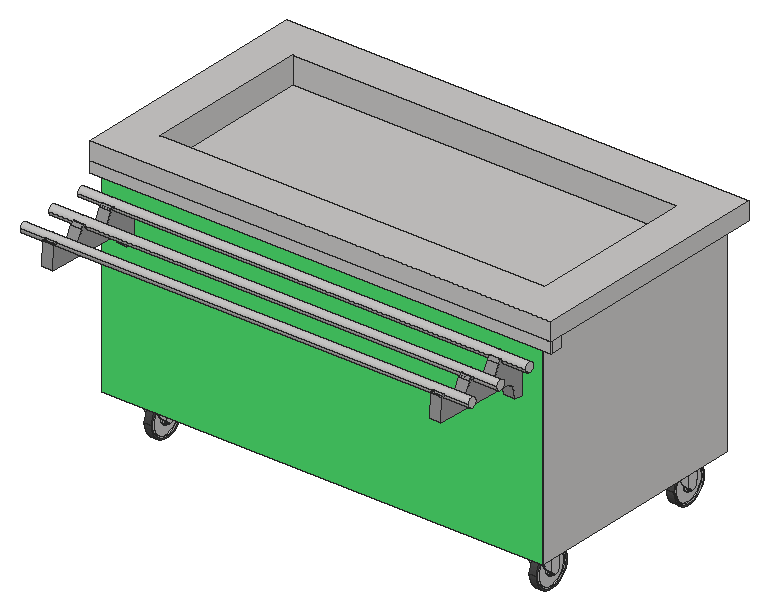
Revit family "QF_BOURGEAT_Self_meuble_cuve_froid_statique_baie_libre_4GN", category Equipement spécialisé, Revit 2015
Parameters (values of type "baie _libre_cuve90_roues")
  profondeur_cuve = 90 mm
  presentoir = no
  porte_reserve = no
  etageres = no
  URL catalogue = "http://www.bourgeat.fr"
  URL = ""
  Type de Raccord Electrique = ""
  Type article = ""
  Type Fluide Frigorigène = "R404a"
  Tension = 230 V
  Spécification du Fabricant = "meuble cuve froid statique OASIS"
  Roues = yes
  Remarques Electricité = ""
  Puissance électrique  = 700 W
  Puissance frigorifique = "272W à -5°C"
  Profondeur hors tout = 820 mm
  Poids net à vide = 230.00 kg
  Pieds_centre = no
  Pieds = no
  Phase = 2
  Niveau Sonore = "60dBa"
  Nature isolant = "polyurethane"
  Modèle = "853094 + 854950"
  Longueur hors tout = 1534 mm
  Intensité nominale = 3.04348 A
  Indice de protection = "21"
  Hauteur hors tout = 900 mm
  Fréquence = 50 Hz
  Fabricant = "BOURGEAT"
  Contact SAV = "0033(0)4.76.32.14.44"
  Classe Climatique = "3"
  Charge_gaz = ""
  Charge max = 200.00 kg
Reference planes
  plane 1 "Centre (avant/arrière)": y = 0
  plane 2: z = 0
  plane 3 "Centre (gauche/droite)": x = 0
  plane 4: y = 812
  plane 5: y = 668.25
  plane 6: y = 97.194
  plane 7: z = 235
  plane 8: z = 515
  plane 9: y = 555
  plane 10: x = -2047
  plane 11: z = 638
Forms (mm)
  Extrusion 1, solid
    sketch origin (-29.925, 3.363, 0) x (1, 0, 0) y (0, 1, 0)
      loop
        circle (-2016.075, 551.637) r 5
    from 154.552 to 160
  Extrusion 2, solid, material "Acier inoxydable, brossé"
    sketch origin (0, 0, 0) x (1, 0, 0) y (0, 1, 0)
      loop
        line (-853, 760) -> (-1589, 760) -> (-1589, 80) -> (-853, 80) -> (-853, 760)
    from 160 to 197
Dimensions and locks
  locked: plane 4 to nested 1 at 47
  locked: nested 1 to plane 6 at 97.194
  locked: nested 1 to plane 5 at 96.75
  nested 2 to nested 1 = 561 mm
  nested 1 to nested 2 = 237 mm
  plane 8 to nested 7 = 515 mm
  plane 7 to nested 7 = 235 mm
  plane 3 "Centre (gauche/droite)" to nested 2 = 616 mm
  locked: plane 2 to nested 11 at 727
  locked: nested 1 to nested 11 at 69.625
  locked: plane 4 to plane 9 at 257
  locked: plane 2 to nested 18 at 223
  locked: nested 1 to plane 10 at 69
  locked: plane 11 to plane 2 at 638
  aligned and locked: level to plane 2
  aligned and locked: nested 2 to nested 1  (x2)
  aligned and locked: nested 1 to plane 1 "Centre (avant/arrière)"
  aligned and locked: plane 4 to nested 2
  aligned and locked: nested 2 to nested 3  (x2)
  aligned and locked: nested 1 to nested 6
  aligned and locked: nested 1 to nested 7
  aligned and locked: nested 1 to nested 5
  aligned and locked: nested 1 to nested 4
  aligned and locked: nested 6 to plane 2
  aligned and locked: nested 2 to nested 5
  aligned and locked: nested 2 to nested 4
  aligned and locked: nested 6 to plane 5
  aligned and locked: nested 7 to plane 6
  aligned and locked: nested 4 to plane 5
  aligned and locked: nested 5 to plane 6
  aligned and locked: nested 3 to nested 2
  aligned and locked: nested 6 to nested 2
  aligned and locked: nested 7 to nested 2
  aligned and locked: nested 9 to nested 1  (x2)
  aligned and locked: nested 8 to nested 1  (x2)
  aligned and locked: nested 9 to plane 8
  aligned and locked: nested 8 to plane 7
  aligned and locked: nested 10 to nested 1
  aligned and locked: nested 1 to nested 11
  aligned and locked: Extrusion 1 to nested 1
  aligned and locked: nested 6 to nested 15  (x2)
  aligned and locked: nested 4 to nested 12  (x2)
  aligned and locked: nested 5 to nested 13  (x2)
  aligned and locked: nested 7 to nested 14  (x2)
  aligned and locked: Extrusion 1 sketch curve to plane 9
  aligned and locked: nested 1 to Extrusion 1 sketch curve
  aligned and locked: nested 1 to nested 14
  aligned and locked: nested 1 to nested 15
  aligned and locked: nested 1 to nested 13
  aligned and locked: nested 1 to nested 12
  aligned and locked: Extrusion 2 sketch curve to nested 1  (x2)
  aligned and locked: nested 1 to Extrusion 2 sketch curve
  aligned and locked: Extrusion 2 sketch curve to nested 10
  aligned and locked: nested 17 to nested 16
  aligned and locked: nested 2 to nested 17
  aligned and locked: nested 17 to plane 6
  aligned and locked: nested 16 to plane 5
  aligned and locked: nested 18 to nested 1
  aligned and locked: nested 18 to plane 10
  aligned and locked: nested 19 to nested 2
  aligned and locked: nested 19 to nested 1
  aligned and locked: plane 11 to nested 19
Nested families
  nested 1: "corps_meuble" at (-650, 0, 160), type "corps_meuble"
    with lg_ouverture_cuve 1266 mm, lg_meuble 1466 mm, Largeur_hors_tout 1534 mm
  nested 2: "cuve" at (-1383, 402, 808), type "cuve_30"
    with lg_cuve 1534 mm
  nested 3: "presentoir" at (-1383, 402, 551.997) x (0, 1, 0) z (0, 0, 1), visible <- "presentoir", type "presentoir"
    with lg_presentoir 1422 mm, lg_ht 1534 mm
  nested 4: "pied" at (-743, 668.25, 0), visible <- "Pieds", type "pied"
  nested 5: "pied" at (-743, 97.194, 0), visible <- "Pieds", type "pied"
  nested 6: "pied" at (-2023, 668.25, 0), visible <- "Pieds", type "pied"
  nested 7: "pied" at (-2023, 97.194, 0), visible <- "Pieds", type "pied"
  nested 8: "etagere" at (-1221, 80, 197) x (-1, 0, 0) z (0, 0, 1), visible <- "etageres", type "etagere"
    with lg_ht 1534 mm, lg_etagere 736 mm
  nested 9: "etagere" at (-1221, 80, 477) x (-1, 0, 0) z (0, 0, 1), visible <- "etageres", type "etagere"
    with lg_ht 1534 mm, lg_etagere 736 mm
  nested 10: "bandeau_h83_lg736" at (-1221, 760, 757), type "bandeau_h83_lg736"
  nested 11: "IHM_horizontal" at (-1951.875, 765, 727) x (-1, 0, 0) z (0, 0, 1), type "IHM_horizontal"
  nested 12: "roue_ht160" at (-743, 668.25, -0.21), visible <- "Roues", type "roue_ht160"
    with Sans frein yes, Avec frein yes
  nested 13: "roue_ht160" at (-743, 97.194, -0.21), visible <- "Roues", type "roue_ht160"
    with Sans frein yes, Avec frein yes
  nested 14: "roue_ht160" at (-2023, 97.194, -0.21), visible <- "Roues", type "roue_ht160"
    with Sans frein yes, Avec frein yes
  nested 15: "roue_ht160" at (-2023, 668.25, -0.21), visible <- "Roues", type "roue_ht160"
    with Sans frein yes, Avec frein yes
  nested 16: "pied" at (-1383, 668.25, 0), visible <- "Pieds_centre", type "pied"
  nested 17: "pied" at (-1383, 97.194, 0), visible <- "Pieds_centre", type "pied"
  nested 18: "porte_groupe_froid" at (-1827, 775, 53), type "lg440"
  nested 19: "barre_et_console" at (-1383, 0, 463) x (-1, 0, 0) z (0, 0, 1), type "barre_et_console"
    with lg_ht 1534 mm, lg_barre_console 1490 mm
Connectors
  electrical at (-2046, 555, 154.552), driven by "Tension"
    settings: on Extrusion 1, index 1, voltage 230 V, apparent load 0 VA, apparent load phase1 700 VA, apparent load phase2 0 VA, apparent load phase3 0 VA, power factor 1, load classification "Autre", number of poles 2, system type 30, power factor state 1, is connector primary yes, connector utility no, sub classification motor no, connector description ""
Definition of nested family "corps_meuble"
  Parameters (values of type "corps_meuble")
    lg_ouverture_cuve = lg_meuble - 200 mm  # 941 mm
    lg_meuble = Largeur_hors_tout - 68 mm  # 1141 mm
    Largeur_hors_tout = 1209 mm
  Reference planes
    plane 1 "Centre (avant/arrière)": y = 0
    plane 2: z = 0
    plane 3 "Centre (gauche/droite)": x = 0
    plane 4: z = 680
    plane 5: x = -570.5
    plane 6: x = 0
    plane 7: x = -1141
    plane 8: x = -1071
    plane 9: x = -70
    plane 10: x = -614
    plane 11: x = -203
    plane 12: y = 382.5
    plane 13: x = -1044
    plane 14: y = -1
  Forms (mm)
    Extrusion 1, solid
      sketch origin (0, -50.814, 0) x (1, 0, 0) y (0, 1, 0)
        loop
          line (-1141, 815.814) -> (-1141, 50.814) -> (0, 50.814) -> (0, 815.814) -> (-203, 815.814) -> (-203, 130.814) -> (-614, 130.814) -> (-614, 815.814) -> (-1141, 815.814)
      from 0 to 680
    Extrusion 2, void
      sketch origin (0, 0, 0) x (1, 0, 0) y (0, 1, 0)
        loop
          line (-1071, 739.99) -> (-1071, 39.99) -> (-70, 39.99) -> (-70, 739.99) -> (-1071, 739.99)
      from 588.119 to 680
    Extrusion 3, solid
      sketch origin (0, 0, 0) x (1, 0, 0) y (0, 0, 1)
        loop
          line (-1141, 680) -> (-1141, 0) -> (0, 0) -> (0, 680) -> (-1141, 680)
      from 0 to 1
  Cuts and joins
    Extrusion 2 cuts Extrusion 1
  Dimensions and locks
    locked: plane 4 to plane 2 at 680
    locked: plane 7 to plane 8 at 70
    "lg_meuble": plane 7 to plane 3 "Centre (gauche/droite)"
    equal spacing: plane 7, plane 5, plane 3 "Centre (gauche/droite)"
    locked: plane 7 to plane 10 at 527
    locked: plane 11 to plane 3 "Centre (gauche/droite)" at 203
    locked: plane 9 to plane 3 "Centre (gauche/droite)" at 70
    locked: plane 7 to plane 13 at 97
    aligned and locked: level to plane 2
    aligned and locked: Extrusion 1 sketch curve to Extrusion 1 sketch curve
    aligned and locked: plane 4 to Extrusion 1
    aligned and locked: plane 3 "Centre (gauche/droite)" to plane 6
    aligned and locked: plane 9 to Extrusion 2
    aligned and locked: plane 3 "Centre (gauche/droite)" to cut or joined group of Extrusion 1, Extrusion 2
    aligned and locked: cut or joined group of Extrusion 1, Extrusion 2 to plane 7
    aligned and locked: cut or joined group of Extrusion 1, Extrusion 2 to plane 8
    aligned and locked: plane 10 to cut or joined group of Extrusion 1, Extrusion 2
    aligned and locked: cut or joined group of Extrusion 1, Extrusion 2 to plane 11
    aligned and locked: Extrusion 3 sketch curve to cut or joined group of Extrusion 1, Extrusion 2  (x4)
    aligned and locked: Extrusion 3 to plane 14
  Automatic sketch dimensions
    Extrusion 1 sketch curve to plane 1 "Centre (avant/arrière)" = 0 mm
    Extrusion 1 sketch curve to Extrusion 1 sketch curve = 685 mm
    Extrusion 1 sketch curve to plane 3 "Centre (gauche/droite)" = 0 mm
    Extrusion 1 sketch curve to plane 5 = 43.5 mm
    Extrusion 1 sketch curve to plane 5 = 570.5 mm
    Extrusion 1 sketch curve to plane 1 "Centre (avant/arrière)" = 80 mm
    Extrusion 1 sketch curve to Extrusion 1 sketch curve = 765 mm
    Extrusion 1 sketch curve to plane 9 = 133 mm
    Extrusion 2 sketch curve to plane 8 = 0 mm
    Extrusion 2 sketch curve to plane 9 = 0 mm
    Extrusion 2 sketch curve to plane 1 "Centre (avant/arrière)" = 39.99 mm
    plane 12 to Extrusion 2 sketch curve = 357.49 mm
Definition of nested family "cuve"
  Parameters (values of type "cuve_30")
    profondeur_cuve = 90 mm
    lg_cuve = 1209 mm
  Reference planes
    plane 1 "Centre (avant/arrière)": y = 0
    plane 2: z = 0
    plane 3 "Centre (gauche/droite)": x = 0
    plane 4: y = 410
    plane 5: y = -410
    plane 6: x = -604.5
    plane 7: x = 604.5
    plane 8: z = 92
    plane 9: y = 277
    plane 10: y = -277
    plane 11: x = 477.5
    plane 12: x = -477.5
    plane 13: z = 2
    plane 14: y = -279
    plane 15: x = -479.5
    plane 16: y = 279
    plane 17: x = 479.5
    plane 18: z = 32
    plane 19: y = -408
    plane 20: z = 82
    plane 21: z = -4
  Forms (mm)
    Extrusion 1, solid
      sketch origin (12, -10, 0) x (1, 0, 0) y (0, 1, 0)
        loop
          line (-616.5, 420) -> (-616.5, -400) -> (592.5, -400) -> (592.5, 420) -> (-616.5, 420)
      from 0 to 92
    Extrusion 2, void
      sketch origin (0, 0, 0) x (1, 0, 0) y (0, 1, 0)
        loop
          line (-477.5, 277) -> (-477.5, -277) -> (477.5, -277) -> (477.5, 277) -> (-477.5, 277)
      from 2 to 250
    Extrusion 3, void
      sketch origin (0, 0, 0) x (1, 0, 0) y (0, 1, 0)
        loop
          line (-479.5, 279) -> (-479.5, -279) -> (479.5, -279) -> (479.5, 279) -> (-479.5, 279)
        loop
          line (-674.5, 480) -> (-674.5, -480) -> (674.5, -480) -> (674.5, 480) -> (-674.5, 480)
      from 0 to 32
    Extrusion 4, solid
      sketch origin (0, 0, 0) x (1, 0, 0) y (0, 1, 0)
        loop
          line (-604.5, -408) -> (-604.5, -410) -> (604.5, -410) -> (604.5, -408) -> (-604.5, -408)
      from -4 to 32
    Extrusion 5, solid
      sketch origin (0, 0, 0) x (0, 1, 0) y (0, 0, 1)
        loop
          line (-408, -4) -> (-370, -4) -> (-370, 32) -> (-408, 32) -> (-408, -4)
      from -604.5 to 604.5
  Cuts and joins
    Extrusion 2, Extrusion 3 cuts Extrusion 1
  Dimensions and locks
    equal spacing: plane 4, plane 1 "Centre (avant/arrière)", plane 5, locked at 410 each
    plane 4 to plane 5 = 820 mm
    equal spacing: plane 6, plane 3 "Centre (gauche/droite)", plane 7
    "lg_cuve": plane 6 to plane 7
    plane 8 to plane 2 = 92 mm
    locked: plane 5 to plane 10 at 133
    locked: plane 4 to plane 9 at 133
    locked: plane 11 to plane 7 at 127
    locked: plane 6 to plane 12 at 127
    locked: plane 16 to plane 9 at 2
    locked: plane 15 to plane 12 at 2
    locked: plane 14 to plane 10 at 2
    locked: plane 11 to plane 17 at 2
    locked: Extrusion 3 sketch curve to plane 6 at 70
    locked: Extrusion 3 sketch curve to plane 5 at 70
    locked: plane 7 to Extrusion 3 sketch curve at 70
    locked: Extrusion 3 sketch curve to plane 4 at 70
    locked: plane 8 to plane 18 at 60
    locked: plane 5 to plane 19 at 2
    locked: plane 21 to plane 18 at 36
    locked: cut or joined group of Extrusion 1, Extrusion 2, Extrusion 3 to cut or joined group of Extrusion 1, Extrusion 2, Extrusion 3 at 554
    "profondeur_cuve": plane 8 to plane 13
    aligned and locked: plane 2 to level
    aligned and locked: plane 6 to Extrusion 1 sketch curve
    aligned and locked: Extrusion 1 sketch curve to plane 7
    aligned and locked: plane 8 to Extrusion 1
    aligned and locked: plane 4 to Extrusion 1
    aligned and locked: plane 5 to Extrusion 1
    aligned and locked: Extrusion 2 sketch curve to plane 9
    aligned and locked: Extrusion 2 sketch curve to plane 12
    aligned and locked: Extrusion 2 sketch curve to plane 10
    aligned and locked: Extrusion 2 sketch curve to plane 11
    aligned and locked: cut or joined group of Extrusion 1, Extrusion 2, Extrusion 3 to plane 13
    aligned and locked: Extrusion 3 sketch curve to plane 16
    aligned and locked: Extrusion 3 sketch curve to plane 15
    aligned and locked: Extrusion 3 sketch curve to plane 14
    aligned and locked: Extrusion 3 sketch curve to plane 17
    aligned and locked: cut or joined group of Extrusion 1, Extrusion 2, Extrusion 3 to plane 18
    aligned and locked: Extrusion 4 sketch curve to plane 19
    aligned and locked: plane 6 to Extrusion 4 sketch curve
    aligned and locked: Extrusion 4 sketch curve to cut or joined group of Extrusion 1, Extrusion 2, Extrusion 3  (x2)
    aligned and locked: cut or joined group of Extrusion 1, Extrusion 2, Extrusion 3 to Extrusion 4
    aligned and locked: plane 18 to Extrusion 5 sketch curve
    aligned and locked: Extrusion 4 to Extrusion 5 sketch curve
    aligned and locked: cut or joined group of Extrusion 1, Extrusion 2, Extrusion 3 to Extrusion 5
    aligned and locked: Extrusion 5 to cut or joined group of Extrusion 1, Extrusion 2, Extrusion 3
    aligned and locked: plane 21 to Extrusion 5 sketch curve
    aligned and locked: Extrusion 4 to Extrusion 5
  Automatic sketch dimensions
    Extrusion 1 sketch curve to plane 5 = 0 mm
    plane 4 to Extrusion 1 sketch curve = 0 mm
    Extrusion 5 sketch curve to plane 5 = 2 mm
    Extrusion 5 sketch curve to Extrusion 5 sketch curve = 38 mm
Definition of nested family "presentoir"
  Parameters (values of type "presentoir")
    lg_presentoir = lg_ht - 112 mm  # 1097 mm
    lg_ht = 1209 mm
  Reference planes
    plane 1 "Centre (avant/arrière)": y = 0
    plane 2: z = 0
    plane 3 "Centre (gauche/droite)": x = 0
    plane 4: x = 0
    plane 5: y = 0
    plane 6: z = 348.003
    plane 7: z = 775.003
    plane 8: z = 353.003
    plane 9: z = 770.54
    plane 10: z = 727.003
    plane 11: y = 548.5
    plane 12: y = -548.5
    plane 13: y = 548.5
    plane 14: y = -548.5
  Forms (mm)
    Extrusion 1, solid
      sketch origin (0, 0, 0) x (1, 0, 0) y (0, 0, 1)
        loop
          line (-240.07, 650.474) -> (-234.874, 647.474) -> (-219.875, 673.453)
          arc (-219.875, 673.453) -> (-158.748, 734.58) -> (-75.248, 756.953) r 167
          line (-75.248, 756.953) -> (179.75, 756.953) -> (179.75, 762.953) -> (-75.248, 762.953)
          arc (-75.248, 762.953) -> (-161.33, 740.45) -> (-224.372, 677.664) r 170.59
          line (-224.372, 677.664) -> (-240.07, 650.474)
      from -503.5 to 503.5
    Extrusion 2, solid
      sketch origin (0, 0, 0) x (1, 0, 0) y (0, 1, 0)
        loop
          line (-25, 548.5) -> (-30.461, 503.5) -> (30.461, 503.5) -> (25, 548.5)
          arc (25, 548.5) -> (0, 523.5) -> (-25, 548.5) r 25
        loop
          arc (-25, -548.5) -> (0, -523.5) -> (25, -548.5) r 25
          line (25, -548.5) -> (30.461, -503.5) -> (-30.461, -503.5) -> (-25, -548.5)
      from 727.003 to 770.54
    Extrusion 3, solid
      sketch origin (0, -396.5, 0) x (1, 0, 0) y (0, 1, 0)
        loop
          circle (0, 945) r 21.2
        loop
          circle (0, -152) r 21.2
      from 353.003 to 775.003
    Revolve 4, solid
      sketch origin (0, 0, 0) x (0, 1, 0) y (0, 0, 1)
        loop
          line (-548.5, 353.003) -> (-569.7, 353.003) -> (-573.5, 349.203) -> (-573.5, 348.003) -> (-548.5, 348.003) -> (-548.5, 353.003)
        axis (-548.5, 353.003) -> (-548.5, 348.003)
      angle from 0 to 360
    Revolve 5, solid
      sketch origin (0, 0, 0) x (0, -1, 0) y (0, 0, 1)
        loop
          line (-548.5, 353.003) -> (-569.7, 353.003) -> (-573.5, 349.203) -> (-573.5, 348.003) -> (-548.5, 348.003) -> (-548.5, 353.003)
        axis (-548.5, 353.003) -> (-548.5, 348.003)
      angle from 0 to 360
  Dimensions and locks
    equal spacing: plane 11, plane 1 "Centre (avant/arrière)", plane 12
    "lg_presentoir": plane 11 to plane 12
    locked: Extrusion 2 sketch curve to plane 14 at 45
    locked: plane 13 to Extrusion 2 sketch curve at 45
    aligned and locked: level to plane 2
    aligned and locked: plane 3 "Centre (gauche/droite)" to plane 4
    aligned and locked: Extrusion 3 to plane 7
    aligned and locked: plane 8 to Extrusion 3
    aligned and locked: Extrusion 2 to plane 9
    aligned and locked: plane 10 to Extrusion 2
    aligned and locked: plane 1 "Centre (avant/arrière)" to plane 5
    aligned and locked: plane 11 to Extrusion 3
    aligned and locked: plane 12 to Extrusion 3
    aligned and locked: plane 13 to plane 11
    aligned and locked: plane 14 to plane 12
    aligned and locked: Extrusion 1 to Extrusion 2  (x2)
  Automatic sketch dimensions
    Extrusion 1 sketch curve to plane 3 "Centre (gauche/droite)" = 240.07 mm
    plane 10 to Extrusion 1 sketch curve = 79.529 mm
    Extrusion 1 sketch curve to Extrusion 1 sketch curve = 5.196 mm
    plane 10 to Extrusion 1 sketch curve = 49.34 mm
    Extrusion 1 sketch curve to Extrusion 1 sketch curve = 15.698 mm
    plane 10 to Extrusion 1 sketch curve = 53.55 mm
    Extrusion 1 sketch curve to plane 3 "Centre (gauche/droite)" = 76.636 mm
    Extrusion 1 sketch curve to Extrusion 1 sketch curve = 1.388 mm
    Extrusion 1 sketch curve to Extrusion 1 sketch curve = 0 mm
    plane 9 to Extrusion 1 sketch curve = 13.587 mm
    plane 3 "Centre (gauche/droite)" to Extrusion 1 sketch curve = 179.75 mm
    Extrusion 1 sketch curve to Extrusion 1 sketch curve = 2.415 mm
    Extrusion 2 sketch curve to plane 14 = 0 mm
    plane 11 to Extrusion 2 sketch curve = 0 mm
    Extrusion 2 sketch curve to plane 3 "Centre (gauche/droite)" = 0 mm  (x2)
    Extrusion 2 sketch curve to Extrusion 2 sketch curve = 25 mm  (x2)
    Extrusion 2 sketch curve to plane 3 "Centre (gauche/droite)" = 30.461 mm  (x2)
    plane 3 "Centre (gauche/droite)" to Extrusion 2 sketch curve = 30.461 mm  (x2)
    Extrusion 3 sketch curve to plane 3 "Centre (gauche/droite)" = 0 mm  (x2)
    Extrusion 3 sketch curve to plane 12 = 0 mm
    plane 11 to Extrusion 3 sketch curve = 0 mm
    Revolve 4 sketch curve to plane 6 = 0 mm
    Revolve 4 sketch curve to plane 8 = 0 mm
    Revolve 4 sketch curve to plane 12 = 0 mm  (x2)
    Revolve 4 sketch curve to Revolve 4 sketch curve = 21.2 mm
    Revolve 4 sketch curve to Revolve 4 sketch curve = 3.8 mm
    Revolve 4 sketch curve to Revolve 4 sketch curve = 1.2 mm
    Revolve 4 sketch curve to plane 6 = 14.256 mm
    plane 8 to Revolve 4 sketch curve = 30.744 mm
    Revolve 5 sketch curve to plane 6 = 0 mm
    plane 8 to Revolve 5 sketch curve = 0 mm
    Revolve 5 sketch curve to plane 11 = 0 mm  (x2)
    Revolve 5 sketch curve to plane 11 = 21.2 mm
    Revolve 5 sketch curve to Revolve 5 sketch curve = 3.8 mm
    Revolve 5 sketch curve to Revolve 5 sketch curve = 1.2 mm
    plane 6 to Revolve 5 sketch curve = 14.256 mm
    Revolve 5 sketch curve to Revolve 5 sketch curve = 30.744 mm
    radius of Extrusion 3 sketch curve = 21.2 mm  (x2)
Definition of nested family "pied"
  Reference planes
    plane 1 "Centre (avant/arrière)": y = 0
    plane 2: z = 0
    plane 3 "Centre (gauche/droite)": x = 0
  Forms (mm)
    Revolve 1, solid
      sketch origin (0, 0, 0) x (1, 0, 0) y (0, 0, 1)
        loop
          line (0, 160) -> (-33, 160) -> (-33, 70) -> (-28, 70) -> (-28, 0) -> (0, 0) -> (0, 160)
        axis (0, 160) -> (0, 0)
      angle from 0 to 360
  Dimensions and locks
    plane 3 "Centre (gauche/droite)" to Revolve 1 sketch curve = 28 mm
    Revolve 1 sketch curve to plane 3 "Centre (gauche/droite)" = 33 mm
    Revolve 1 sketch curve to plane 2 = 70 mm
    Revolve 1 sketch curve to Revolve 1 sketch curve = 90 mm
    aligned and locked: level to plane 2
Definition of nested family "etagere"
  Parameters (values of type "etagere")
    lg_ht = 1209 mm
    lg_etagere = lg_ht - (561 mm + 237 mm)  # 411 mm
  Reference planes
    plane 1 "Centre (avant/arrière)": y = 0
    plane 2: z = 0
    plane 3 "Centre (gauche/droite)": x = 0
    plane 4: y = -625
    plane 5: y = -623
    plane 6: y = -2
    plane 7: x = 0
  Forms (mm)
    Extrusion 1, solid
      sketch origin (0, 0, 0) x (0, 1, 0) y (0, 0, 1)
        loop
          line (0, 119.481) -> (-2, 119.481) -> (-2, 40) -> (-625, 40) -> (-625, 0) -> (-623, 0) -> (-623, 38) -> (0, 38) -> (0, 119.481)
      from -205.5 to 205.5
  Dimensions and locks
    locked: plane 6 to plane 1 "Centre (avant/arrière)" at 2
    locked: plane 4 to plane 5 at 2
    plane 4 to plane 1 "Centre (avant/arrière)" = 625 mm
    equal spacing: Extrusion 1, plane 7, Extrusion 1
    "lg_etagere": Extrusion 1 to Extrusion 1
    aligned and locked: level to plane 2
    aligned and locked: plane 2 to Extrusion 1 sketch curve
    aligned and locked: plane 1 "Centre (avant/arrière)" to Extrusion 1 sketch curve
    aligned and locked: plane 4 to Extrusion 1
    aligned and locked: plane 5 to Extrusion 1
    aligned and locked: Extrusion 1 to plane 6
    aligned and locked: plane 3 "Centre (gauche/droite)" to plane 7
  Automatic sketch dimensions
    Extrusion 1 sketch curve to plane 4 = 0 mm
    Extrusion 1 sketch curve to plane 5 = 0 mm
    Extrusion 1 sketch curve to plane 6 = 0 mm
    level to Extrusion 1 sketch curve = 38 mm
    Extrusion 1 sketch curve to Extrusion 1 sketch curve = 2 mm
    Extrusion 1 sketch curve to Extrusion 1 sketch curve = 79.481 mm
Definition of nested family "bandeau_h83_lg736"
  Parameters (values of type "bandeau_h83_lg736")
    lg_ht = 1534 mm
    lg_bandeau = 736 mm
  Reference planes
    plane 1 "Centre (avant/arrière)": y = 0
    plane 2: z = 0
    plane 3 "Centre (gauche/droite)": x = 0
    plane 4: x = -368
    plane 5: x = 368
    plane 6: y = 5
    plane 7: z = 83
  Forms (mm)
    Extrusion 1, solid
      sketch origin (476, 10, 0) x (1, 0, 0) y (0, 1, 0)
        loop
          line (-844, -10) -> (-108, -10) -> (-108, -5) -> (-844, -5) -> (-844, -10)
      from 0 to 83
  Dimensions and locks
    plane 7 to plane 2 = 83 mm
    locked: plane 1 "Centre (avant/arrière)" to plane 6 at 5
    "lg_bandeau": plane 4 to plane 5
    equal spacing: plane 4, plane 3 "Centre (gauche/droite)", plane 5
    aligned and locked: level to plane 2
    aligned and locked: Extrusion 1 to plane 4
    aligned and locked: plane 5 to Extrusion 1
    aligned and locked: Extrusion 1 to plane 6
    aligned and locked: plane 7 to Extrusion 1
    aligned and locked: plane 1 "Centre (avant/arrière)" to Extrusion 1
  Automatic sketch dimensions
    Extrusion 1 sketch curve to plane 4 = 0 mm
    Extrusion 1 sketch curve to plane 5 = 0 mm
    plane 1 "Centre (avant/arrière)" to Extrusion 1 sketch curve = 0 mm
    Extrusion 1 sketch curve to plane 6 = 0 mm
Definition of nested family "IHM_horizontal"
  Reference planes
    plane 1 "Centre (avant/arrière)": y = 0
    plane 2: z = 0
    plane 3 "Centre (gauche/droite)": x = 0
    plane 4: y = -10
    plane 5: y = -13
  Forms (mm)
    Extrusion 1, solid
      sketch origin (-374.736, 0, -402) x (1, 0, 0) y (0, 0, 1)
        loop
          line (280.236, 402) -> (469.236, 402) -> (469.236, 440) -> (280.236, 440) -> (280.236, 402)
      from 0 to 10
    Extrusion 2, solid
      sketch origin (0, 0, 0) x (1, 0, 0) y (0, 0, 1)
        loop
          line (-89.496, 32.01) -> (-89.496, 7.01) -> (90.504, 7.01) -> (90.504, 32.01) -> (-89.496, 32.01)
      from 10 to 13
  Dimensions and locks
    plane 4 to plane 1 "Centre (avant/arrière)" = 10 mm
    aligned and locked: level to plane 2
    aligned and locked: Extrusion 1 to plane 4
    aligned and locked: Extrusion 2 to plane 5
    aligned and locked: plane 4 to Extrusion 2
Definition of nested family "roue_ht160"
  Parameters (values of type "roue_ht160")
    Sans frein [instance] = yes
    Avec frein [instance] = yes
  Reference planes
    plane 1 "Centre (avant/arrière)": y = 0
    plane 2: z = 0
    plane 3 "Centre (gauche/droite)": x = 0
    plane 4: y = 40.851
    plane 5: z = 62.5
  Forms (mm)
    Extrusion 1, solid
      sketch origin (0, 0, 0) x (0, 1, 0) y (0, 0, 1)
        loop
          circle (40.851, 62.5) r 62.5
        loop
          circle (40.851, 62.5) r 57.5
      from -12.5 to 12.5
    Revolve 2, solid
      sketch origin (0, 0, 0) x (0, 1, 0) y (0, 0, 1)
        loop
          line (0, 160.21) -> (-20.149, 160.21) -> (-20.149, 159.41) -> (-21.6, 159.41)
          arc (-21.6, 159.41) -> (-24.448, 158.65) -> (-26.537, 156.572) r 5.712
          line (-26.537, 156.572) -> (-30.146, 147.743) -> (-26.999, 147.062) -> (-26.999, 146.112)
          arc (-26.999, 146.112) -> (-27.23, 145.314) -> (-27.849, 144.761) r 1.5
          arc (-27.849, 144.761) -> (-29.223, 143.633) -> (-29.923, 142) r 3.75
          line (-29.923, 142) -> (0, 142) -> (0, 160.21)
        axis (0, 160.21) -> (0, 142)
      angle from 0 to 360
    Extrusion 3, solid
      sketch origin (0, 0, 0) x (0, 1, 0) y (0, 0, -1)
        loop
          line (-29.974, -138.241) -> (-29.974, -142) -> (21.747, -142) -> (21.747, -60.336)
          arc (21.747, -60.336) -> (10.272, -70.702) -> (-0.149, -82.127) r 160.057
          arc (-0.149, -82.127) -> (-17.883, -108.684) -> (-29.974, -138.241) r 159.585
      from -24.913 to -23.038
    Extrusion 4, solid
      sketch origin (0, 0, 0) x (0, 1, 0) y (0, 0, 1)
        loop
          line (-29.974, 142) -> (-29.974, 140.869) -> (21.747, 140.869) -> (21.747, 142) -> (-29.974, 142)
      from -23.038 to 23.038
    Extrusion 5, solid
      sketch origin (0, 0, 0) x (0, 1, 0) y (0, 0, 1)
        loop
          circle (40.851, 62.5) r 57.5
        loop
          circle (40.851, 62.5) r 55
      from -12.5 to 12.5
    Extrusion 6, solid
      sketch origin (0, 0, 0) x (0, 1, 0) y (0, 0, 1)
        loop
          circle (40.851, 62.5) r 55
      from -7 to 7
    Extrusion 7, solid
      sketch origin (0, 0, 0) x (0, 1, 0) y (0, 0, 1)
        loop
          circle (40.851, 62.5) r 21
      from 7 to 15
    Extrusion 8, solid
      sketch origin (0, 0, 0) x (0, 1, 0) y (0, 0, -1)
        loop
          circle (40.851, -62.5) r 16
      from -23.038 to -15
    Extrusion 9, solid, visible <- "Sans frein"
      sketch origin (0, 0, 0) x (0, 1, 0) y (0, 0, 1)
        loop
          arc (21.747, 60.336) -> (23.188, 59.17) -> (24.642, 58.02) r 161.23
          arc (24.642, 58.02) -> (29.34, 54.513) -> (34.187, 51.216) r 133.333
          arc (34.187, 51.216) -> (46.517, 50.3) -> (53.927, 60.198) r 12.867
          arc (53.927, 60.198) -> (54.714, 99.183) -> (46.119, 137.216) r 161.222
          arc (46.119, 137.216) -> (45.679, 138.887) -> (45.531, 140.609) r 10.076
          line (45.531, 140.609) -> (45.531, 142) -> (21.747, 142) -> (21.747, 60.336)
      from 23.038 to 24.913
    Extrusion 10, solid, visible <- "Sans frein"
      sketch origin (0, 0, 0) x (0, 1, 0) y (0, 0, 1)
        loop
          line (21.747, 142) -> (21.747, 140.701) -> (48.851, 140.701) -> (48.851, 142) -> (21.747, 142)
      from -23.038 to 23.038
    Extrusion 11, solid, visible <- "Avec frein"
      sketch origin (0, 0, 0) x (0, 1, 0) y (0, 0, 1)
        loop
          line (21.747, 142) -> (21.747, 60.336)
          arc (21.747, 60.336) -> (23.177, 59.179) -> (24.62, 58.038) r 160.008
          arc (24.62, 58.038) -> (29.041, 54.705) -> (33.574, 51.527) r 160
          arc (33.574, 51.527) -> (46.135, 50.422) -> (53.724, 60.491) r 13
          arc (53.724, 60.491) -> (55.279, 82.092) -> (53.902, 103.704) r 160
          arc (53.902, 103.704) -> (55.53, 108.653) -> (60.415, 110.463) r 6
          arc (60.415, 110.463) -> (80.625, 109.924) -> (100.725, 112.107) r 150
          arc (100.725, 112.107) -> (104.408, 113.406) -> (107.479, 115.819) r 12
          line (107.479, 115.819) -> (110.851, 121.523)
          arc (110.851, 121.523) -> (85.913, 134.651) -> (58.706, 142) r 127.902
          line (58.706, 142) -> (21.747, 142)
      from 23.038 to 24.913
    Extrusion 12, solid, visible <- "Avec frein"
      sketch origin (0, 0, 0) x (0, 1, 0) y (0, 0, 1)
        loop
          line (58.706, 142) -> (21.747, 142) -> (21.747, 140) -> (58.552, 140)
          arc (58.552, 140) -> (85.253, 132.762) -> (109.73, 119.866) r 125.902
          line (109.73, 119.866) -> (110.851, 121.523)
          arc (110.851, 121.523) -> (85.913, 134.651) -> (58.706, 142) r 127.902
      from -23.038 to 23.038
    Extrusion 13, solid, visible <- "Avec frein"
      sketch origin (0, 19.896, 18.175) x (0, 1, 0) y (0, 0, 1)
        loop
          line (87.583, 97.644) -> (91.829, 95.227)
          arc (91.829, 95.227) -> (93.8, 95.006) -> (95.312, 96.29) r 2.5
          arc (95.312, 96.29) -> (103.495, 100.002) -> (111.176, 104.666) r 74.999
          line (111.176, 104.666) -> (110.852, 105.929)
          arc (110.852, 105.929) -> (110.04, 107.086) -> (108.666, 107.417) r 2
          arc (108.666, 107.417) -> (101.396, 105.849) -> (94.512, 103.034) r 42.354
          line (94.512, 103.034) -> (93.479, 101.228) -> (93.285, 100.414) -> (91.69, 101.675) -> (90.401, 102.412) -> (87.583, 97.644)
      from -23.038 to 23.038
    Extrusion 14, solid, not visible
      sketch origin (0, 0, 0) x (0, 1, 0) y (0, 0, -1)
        loop
          line (-29.974, -138.241) -> (-29.974, -142) -> (21.747, -142) -> (21.747, -60.336)
          arc (21.747, -60.336) -> (10.272, -70.702) -> (-0.149, -82.127) r 160.057
          arc (-0.149, -82.127) -> (-17.883, -108.684) -> (-29.974, -138.241) r 159.585
      from -24.913 to -23.038
    Extrusion 15, solid, not visible
      sketch origin (0, 0, 0) x (0, 1, 0) y (0, 0, 1)
        loop
          circle (40.851, 62.5) r 21
      from 7 to 15
    Extrusion 16, solid, not visible
      sketch origin (0, 0, 0) x (0, 1, 0) y (0, 0, -1)
        loop
          circle (40.851, -62.5) r 16
      from -23.038 to -15
    Extrusion 17, solid, visible <- "Sans frein", not visible
      sketch origin (0, 0, 0) x (0, 1, 0) y (0, 0, 1)
        loop
          arc (21.747, 60.336) -> (23.188, 59.17) -> (24.642, 58.02) r 161.23
          arc (24.642, 58.02) -> (29.34, 54.513) -> (34.187, 51.216) r 133.333
          arc (34.187, 51.216) -> (46.517, 50.3) -> (53.927, 60.198) r 12.867
          arc (53.927, 60.198) -> (54.714, 99.183) -> (46.119, 137.216) r 161.222
          arc (46.119, 137.216) -> (45.679, 138.887) -> (45.531, 140.609) r 10.076
          line (45.531, 140.609) -> (45.531, 142) -> (21.747, 142) -> (21.747, 60.336)
      from 23.038 to 24.913
    Extrusion 18, solid, visible <- "Avec frein", not visible
      sketch origin (0, 0, 0) x (0, 1, 0) y (0, 0, 1)
        loop
          line (21.747, 142) -> (21.747, 60.336)
          arc (21.747, 60.336) -> (23.177, 59.179) -> (24.62, 58.038) r 160.008
          arc (24.62, 58.038) -> (29.041, 54.705) -> (33.574, 51.527) r 160
          arc (33.574, 51.527) -> (46.135, 50.422) -> (53.724, 60.491) r 13
          arc (53.724, 60.491) -> (55.279, 82.092) -> (53.902, 103.704) r 160
          arc (53.902, 103.704) -> (55.53, 108.653) -> (60.415, 110.463) r 6
          arc (60.415, 110.463) -> (80.625, 109.924) -> (100.725, 112.107) r 150
          arc (100.725, 112.107) -> (104.408, 113.406) -> (107.479, 115.819) r 12
          line (107.479, 115.819) -> (110.851, 121.523)
          arc (110.851, 121.523) -> (85.913, 134.651) -> (58.706, 142) r 127.902
          line (58.706, 142) -> (21.747, 142)
      from 23.038 to 24.913
    Extrusion 19, solid
      sketch origin (0, 0, 0) x (0, -1, 0) y (0, 0, -1)
        loop
          arc (29.974, -138.241) -> (17.883, -108.684) -> (0.149, -82.127) r 159.585
          arc (0.149, -82.127) -> (-10.272, -70.702) -> (-21.747, -60.336) r 160.057
          line (-21.747, -60.336) -> (-21.747, -142) -> (29.974, -142) -> (29.974, -138.241)
      from -24.913 to -23.038
    Extrusion 20, solid
      sketch origin (0, 0, 0) x (0, -1, 0) y (0, 0, 1)
        loop
          circle (-40.851, 62.5) r 21
      from 7 to 15
    Extrusion 21, solid
      sketch origin (0, 0, 0) x (0, -1, 0) y (0, 0, -1)
        loop
          circle (-40.851, -62.5) r 16
      from -23.038 to -15
    Extrusion 22, solid, visible <- "Sans frein"
      sketch origin (0, 0, 0) x (0, -1, 0) y (0, 0, 1)
        loop
          line (-21.747, 60.336) -> (-21.747, 142) -> (-45.531, 142) -> (-45.531, 140.609)
          arc (-45.531, 140.609) -> (-45.679, 138.887) -> (-46.119, 137.216) r 10.076
          arc (-46.119, 137.216) -> (-54.714, 99.183) -> (-53.927, 60.198) r 161.222
          arc (-53.927, 60.198) -> (-46.517, 50.3) -> (-34.187, 51.216) r 12.867
          arc (-34.187, 51.216) -> (-29.34, 54.513) -> (-24.642, 58.02) r 133.333
          arc (-24.642, 58.02) -> (-23.188, 59.17) -> (-21.747, 60.336) r 161.23
      from 23.038 to 24.913
    Extrusion 23, solid, visible <- "Avec frein"
      sketch origin (0, 0, 0) x (0, -1, 0) y (0, 0, 1)
        loop
          line (-21.747, 142) -> (-58.706, 142)
          arc (-58.706, 142) -> (-85.913, 134.651) -> (-110.851, 121.523) r 127.902
          line (-110.851, 121.523) -> (-107.479, 115.819)
          arc (-107.479, 115.819) -> (-104.408, 113.406) -> (-100.725, 112.107) r 12
          arc (-100.725, 112.107) -> (-80.625, 109.924) -> (-60.415, 110.463) r 150
          arc (-60.415, 110.463) -> (-55.53, 108.653) -> (-53.902, 103.704) r 6
          arc (-53.902, 103.704) -> (-55.279, 82.092) -> (-53.724, 60.491) r 160
          arc (-53.724, 60.491) -> (-46.135, 50.422) -> (-33.574, 51.527) r 13
          arc (-33.574, 51.527) -> (-29.041, 54.705) -> (-24.62, 58.038) r 160
          arc (-24.62, 58.038) -> (-23.177, 59.179) -> (-21.747, 60.336) r 160.008
          line (-21.747, 60.336) -> (-21.747, 142)
      from 23.038 to 24.913
  Dimensions and locks
    aligned and locked: level to plane 2
Definition of nested family "porte_groupe_froid"
  Parameters (values of type "lg440")
    lg_porte_groupe_froid = 440 mm
  Types (4, lengths in mm): name | lg_porte_groupe_froid
    lg569 | 569
    lg790 | 790
    lg767 | 767
    lg440 | 440
  Reference planes
    plane 1 "Centre (avant/arrière)": y = 0
    plane 2: z = 0
    plane 3 "Centre (gauche/droite)": x = 0
    plane 4: z = 170
    plane 5: z = 644
    plane 6: x = 220
    plane 7: x = -220
    plane 8: y = -10
    plane 9: z = 231.5
    plane 10: z = 253
    plane 11: y = -20
    plane 12: x = -185
    plane 13: x = 185
    plane 14: z = 269.5
    plane 15: z = 291
    plane 16: z = 307.5
    plane 17: z = 329
    plane 18: z = 345.5
    plane 19: z = 367
    plane 20: z = 383.5
    plane 21: z = 405
    plane 22: z = 421.5
    plane 23: z = 443
    plane 24: z = 459.5
    plane 25: z = 481
    plane 26: z = 497.5
    plane 27: z = 519
    plane 28: z = 535.5
    plane 29: z = 557
    plane 30: z = 573.5
    plane 31: z = 595
    plane 32: z = 611.5
    plane 33: z = 633
  Forms (mm)
    Extrusion 1, solid
      sketch origin (0, 0, 0) x (1, 0, 0) y (0, 0, 1)
        loop
          line (-220, 644) -> (-220, 170) -> (220, 170) -> (220, 644) -> (-220, 644)
      from 0 to 10
    Extrusion 2, void
      sketch origin (0, 0, 0) x (1, 0, 0) y (0, 0, 1)
        loop
          line (-185, 231.5) -> (185, 231.5) -> (185, 253) -> (-185, 253) -> (-185, 231.5)
      from 0 to 250
    Extrusion 3, void
      sketch origin (0, 0, 38) x (1, 0, 0) y (0, 0, 1)
        loop
          line (-185, 231.5) -> (185, 231.5) -> (185, 253) -> (-185, 253) -> (-185, 231.5)
      from 0 to 250
    Extrusion 4, void
      sketch origin (0, 0, 76) x (1, 0, 0) y (0, 0, 1)
        loop
          line (-185, 231.5) -> (185, 231.5) -> (185, 253) -> (-185, 253) -> (-185, 231.5)
      from 0 to 250
    Extrusion 5, void
      sketch origin (0, 0, 114) x (1, 0, 0) y (0, 0, 1)
        loop
          line (-185, 231.5) -> (185, 231.5) -> (185, 253) -> (-185, 253) -> (-185, 231.5)
      from 0 to 250
    Extrusion 6, void
      sketch origin (0, 0, 152) x (1, 0, 0) y (0, 0, 1)
        loop
          line (-185, 231.5) -> (185, 231.5) -> (185, 253) -> (-185, 253) -> (-185, 231.5)
      from 0 to 250
    Extrusion 7, void
      sketch origin (0, 0, 190) x (1, 0, 0) y (0, 0, 1)
        loop
          line (-185, 231.5) -> (185, 231.5) -> (185, 253) -> (-185, 253) -> (-185, 231.5)
      from 0 to 250
    Extrusion 8, void
      sketch origin (0, 0, 228) x (1, 0, 0) y (0, 0, 1)
        loop
          line (-185, 231.5) -> (185, 231.5) -> (185, 253) -> (-185, 253) -> (-185, 231.5)
      from 0 to 250
    Extrusion 9, void
      sketch origin (0, 0, 266) x (1, 0, 0) y (0, 0, 1)
        loop
          line (-185, 231.5) -> (185, 231.5) -> (185, 253) -> (-185, 253) -> (-185, 231.5)
      from 0 to 250
    Extrusion 10, void
      sketch origin (0, 0, 304) x (1, 0, 0) y (0, 0, 1)
        loop
          line (-185, 231.5) -> (185, 231.5) -> (185, 253) -> (-185, 253) -> (-185, 231.5)
      from 0 to 250
    Extrusion 11, void
      sketch origin (0, 0, 342) x (1, 0, 0) y (0, 0, 1)
        loop
          line (-185, 231.5) -> (185, 231.5) -> (185, 253) -> (-185, 253) -> (-185, 231.5)
      from 0 to 250
    Extrusion 12, void
      sketch origin (0, 0, 380) x (1, 0, 0) y (0, 0, 1)
        loop
          line (-185, 231.5) -> (185, 231.5) -> (185, 253) -> (-185, 253) -> (-185, 231.5)
      from 0 to 250
  Cuts and joins
    Extrusion 2, Extrusion 3, Extrusion 4, Extrusion 5, Extrusion 6, Extrusion 7, Extrusion 8, Extrusion 9, Extrusion 10, Extrusion 11, Extrusion 12 cuts Extrusion 1
  Dimensions and locks
    plane 4 to plane 2 = 170 mm
    locked: plane 5 to plane 4 at 474
    "lg_porte_groupe_froid": plane 7 to plane 6
    plane 8 to plane 1 "Centre (avant/arrière)" = 10 mm
    plane 9 to plane 4 = 61.5 mm
    plane 8 to plane 11 = 10 mm
    equal spacing: plane 7, plane 3 "Centre (gauche/droite)", plane 6
    locked: plane 6 to plane 13 at 35
    locked: plane 12 to plane 7 at 35
    aligned and locked: level to plane 2
    aligned and locked: Extrusion 1 sketch curve to plane 5
    aligned and locked: Extrusion 1 sketch curve to plane 7
    aligned and locked: plane 4 to Extrusion 1 sketch curve
    aligned and locked: Extrusion 1 sketch curve to plane 6
    aligned and locked: Extrusion 1 to plane 8
    aligned and locked: Extrusion 2 sketch curve to plane 9
    aligned and locked: plane 10 to Extrusion 2 sketch curve
    aligned and locked: plane 13 to cut or joined group 1 (Extrusion 1, Extrusion 2, Extrusion 3, Extrusion 4, Extrusion 5, Extrusion 6, Extrusion 7, Extrusion 8, Extrusion 9, Extrusion 10, Extrusion 11, Extrusion 12)  (x11)
    aligned and locked: cut or joined group 1 to plane 13  (x3)
    aligned and locked: cut or joined group 1 to plane 12  (x5)
    aligned and locked: Extrusion 3 sketch curve to plane 14
    aligned and locked: plane 15 to Extrusion 3 sketch curve
    aligned and locked: Extrusion 4 sketch curve to plane 16
    aligned and locked: plane 17 to Extrusion 4 sketch curve
    aligned and locked: Extrusion 5 sketch curve to plane 18
    aligned and locked: plane 19 to Extrusion 5 sketch curve
    aligned and locked: Extrusion 6 sketch curve to plane 20
    aligned and locked: plane 21 to Extrusion 6 sketch curve
    aligned and locked: Extrusion 7 sketch curve to plane 22
    aligned and locked: plane 23 to Extrusion 7 sketch curve
    aligned and locked: Extrusion 8 sketch curve to plane 24
    aligned and locked: plane 25 to Extrusion 8 sketch curve
    aligned and locked: Extrusion 9 sketch curve to plane 26
    aligned and locked: plane 27 to Extrusion 9 sketch curve
    aligned and locked: Extrusion 10 sketch curve to plane 28
    aligned and locked: plane 29 to Extrusion 10 sketch curve
    aligned and locked: Extrusion 11 sketch curve to plane 30
    aligned and locked: plane 31 to Extrusion 11 sketch curve
    aligned and locked: Extrusion 12 sketch curve to plane 32
    aligned and locked: plane 33 to Extrusion 12 sketch curve
    aligned and locked: plane 12 to cut or joined group 1
  Automatic sketch dimensions
    Extrusion 2 sketch curve to Extrusion 2 sketch curve = 370 mm
    Extrusion 3 sketch curve to Extrusion 3 sketch curve = 370 mm
    Extrusion 4 sketch curve to Extrusion 4 sketch curve = 370 mm
    Extrusion 5 sketch curve to Extrusion 5 sketch curve = 370 mm
    Extrusion 6 sketch curve to Extrusion 6 sketch curve = 370 mm
    Extrusion 7 sketch curve to Extrusion 7 sketch curve = 370 mm
    Extrusion 8 sketch curve to Extrusion 8 sketch curve = 370 mm
    Extrusion 7 sketch curve to plane 12 = 0 mm
    Extrusion 6 sketch curve to plane 12 = 0 mm
    Extrusion 5 sketch curve to plane 12 = 0 mm
    Extrusion 4 sketch curve to plane 12 = 0 mm
    Extrusion 3 sketch curve to plane 12 = 0 mm
    Extrusion 2 sketch curve to plane 12 = 0 mm
    Extrusion 9 sketch curve to Extrusion 9 sketch curve = 370 mm
    Extrusion 10 sketch curve to Extrusion 10 sketch curve = 370 mm
    Extrusion 11 sketch curve to Extrusion 11 sketch curve = 370 mm
    Extrusion 12 sketch curve to Extrusion 12 sketch curve = 370 mm
    Extrusion 12 sketch curve to plane 12 = 0 mm
    Extrusion 11 sketch curve to plane 12 = 0 mm
    Extrusion 10 sketch curve to plane 12 = 0 mm
    Extrusion 9 sketch curve to plane 12 = 0 mm
    Extrusion 8 sketch curve to plane 12 = 0 mm
Definition of nested family "barre_et_console"
  Parameters (values of type "barre_et_console")
    lg_ht = 1209 mm
    lg_barre_console = lg_ht - 44 mm  # 1165 mm
  Reference planes
    plane 1 "Centre (avant/arrière)": y = 0
    plane 2: z = 0
    plane 3 "Centre (gauche/droite)": x = 0
    plane 4: x = -582.5
    plane 5: x = 582.5
    plane 6: x = -482.5
    plane 7: x = 482.5
    plane 8: z = 320.378
    plane 9: z = 175
  Dimensions and locks
    locked: plane 4 to plane 6 at 100
    locked: plane 7 to plane 5 at 100
    equal spacing: plane 4, plane 3 "Centre (gauche/droite)", plane 5
    "lg_barre_console": plane 4 to plane 5
    aligned and locked: level to plane 2
    aligned and locked: nested 1 to plane 1 "Centre (avant/arrière)"
    aligned and locked: plane 6 to nested 1
    aligned and locked: plane 7 to nested 2
    aligned and locked: plane 5 to nested 3
    aligned and locked: nested 3 to plane 4
    aligned and locked: plane 8 to nested 3
    aligned and locked: plane 9 to nested 1
  Nested families
    nested 1: "console" at (-482.5, 0, 0) x (0, 1, 0) z (0, 0, 1), type "console"
    nested 2: "console" at (482.5, 0, 0) x (0, 1, 0) z (0, 0, 1), type "console"
    nested 3: "barre" at (582.5, 0, 19.415) x (0, 1, 0) z (0, 0, 1), type "barre"
  Definition of nested family "console"
    Reference planes
      plane 1 "Centre (avant/arrière)": y = 0
      plane 2: z = 0
      plane 3 "Centre (gauche/droite)": x = 0
      plane 4: y = 18
      plane 5: y = -18
      plane 6: y = 0
    Forms (mm)
      Extrusion 1, solid
        sketch origin (-12.245, 0, 175) x (1, 0, 0) y (0, 0, 1)
          loop
            line (12.245, 100) -> (12.245, 0) -> (39.579, 4.82) -> (50.894, 44.279)
            arc (50.894, 44.279) -> (55.986, 52.254) -> (64.592, 56.187) r 16.714
            line (64.592, 56.187) -> (348.499, 69.146) -> (343.309, 143.358)
            arc (343.309, 143.358) -> (342.973, 144.595) -> (342.189, 145.609) r 3.292
            line (342.189, 145.609) -> (337.923, 148.439)
            arc (337.923, 148.439) -> (337.371, 148.545) -> (336.906, 148.229) r 0.731
            arc (336.906, 148.229) -> (320.176, 130.386) -> (309.012, 152.149) r 14.958
            arc (309.012, 152.149) -> (308.597, 152.587) -> (308.001, 152.491) r 0.646
            line (308.001, 152.491) -> (297.265, 144.401) -> (278.874, 108.385)
            arc (278.874, 108.385) -> (262.102, 99.164) -> (245.329, 108.385) r 19.864
            line (245.329, 108.385) -> (229.634, 139.188) -> (217.945, 148.321)
            arc (217.945, 148.321) -> (217.306, 148.53) -> (216.976, 147.944) r 0.53
            arc (216.976, 147.944) -> (200.124, 130.629) -> (188.973, 152.064) r 14.905
            arc (188.973, 152.064) -> (188.691, 152.524) -> (188.154, 152.476) r 0.511
            line (188.154, 152.476) -> (177.098, 144.144) -> (158.855, 108.341)
            arc (158.855, 108.341) -> (142.039, 98.901) -> (125.223, 108.341) r 19.698
            line (125.223, 108.341) -> (109.334, 139.526) -> (97.932, 148.434)
            arc (97.932, 148.434) -> (97.187, 148.438) -> (96.994, 147.718) r 0.61
            arc (96.994, 147.718) -> (79.923, 130.663) -> (69.024, 152.192) r 14.902
            arc (69.024, 152.192) -> (68.66, 152.548) -> (68.158, 152.464) r 0.563
            line (68.158, 152.464) -> (57.103, 144.336) -> (39.164, 108.745)
            arc (39.164, 108.745) -> (33.443, 102.448) -> (25.295, 100) r 15.908
            line (25.295, 100) -> (12.245, 100)
        from -18 to 18
      Extrusion 2, solid, not visible
        sketch origin (12.755, 0, 175) x (1, 0, 0) y (0, 0, 1)
          loop
            line (12.245, 100) -> (12.245, 0) -> (39.579, 4.82) -> (50.894, 44.279)
            arc (50.894, 44.279) -> (55.986, 52.254) -> (64.592, 56.187) r 16.714
            line (64.592, 56.187) -> (348.499, 69.146) -> (343.309, 143.358)
            arc (343.309, 143.358) -> (342.973, 144.595) -> (342.189, 145.609) r 3.292
            line (342.189, 145.609) -> (337.923, 148.439)
            arc (337.923, 148.439) -> (337.371, 148.545) -> (336.906, 148.229) r 0.731
            arc (336.906, 148.229) -> (320.176, 130.386) -> (309.012, 152.149) r 14.958
            arc (309.012, 152.149) -> (308.597, 152.587) -> (308.001, 152.491) r 0.646
            line (308.001, 152.491) -> (297.265, 144.401) -> (278.874, 108.385)
            arc (278.874, 108.385) -> (262.102, 99.164) -> (245.329, 108.385) r 19.864
            line (245.329, 108.385) -> (229.634, 139.188) -> (217.945, 148.321)
            arc (217.945, 148.321) -> (217.306, 148.53) -> (216.976, 147.944) r 0.53
            arc (216.976, 147.944) -> (200.124, 130.629) -> (188.973, 152.064) r 14.905
            arc (188.973, 152.064) -> (188.691, 152.524) -> (188.154, 152.476) r 0.511
            line (188.154, 152.476) -> (177.098, 144.144) -> (158.855, 108.341)
            arc (158.855, 108.341) -> (142.039, 98.901) -> (125.223, 108.341) r 19.698
            line (125.223, 108.341) -> (109.334, 139.526) -> (97.932, 148.434)
            arc (97.932, 148.434) -> (97.187, 148.438) -> (96.994, 147.718) r 0.61
            arc (96.994, 147.718) -> (79.923, 130.663) -> (69.024, 152.192) r 14.902
            arc (69.024, 152.192) -> (68.66, 152.548) -> (68.158, 152.464) r 0.563
            line (68.158, 152.464) -> (57.103, 144.336) -> (39.164, 108.745)
            arc (39.164, 108.745) -> (33.443, 102.448) -> (25.295, 100) r 15.908
            line (25.295, 100) -> (12.245, 100)
        from -18 to 18
    Dimensions and locks
      plane 4 to plane 5 = 36 mm
      equal spacing: plane 4, plane 6, plane 5, locked at 18 each
      aligned and locked: level to plane 2
      aligned and locked: plane 4 to Extrusion 1
      aligned and locked: Extrusion 1 to plane 5
      aligned and locked: plane 6 to plane 1 "Centre (avant/arrière)"
      aligned and locked: Extrusion 1 to plane 3 "Centre (gauche/droite)"
    Automatic sketch dimensions
      Extrusion 1 sketch curve to Extrusion 1 sketch curve = 12.714 mm
      Extrusion 1 sketch curve to Extrusion 1 sketch curve = 13.05 mm
      Extrusion 1 sketch curve to Extrusion 1 sketch curve = 14.206 mm
      Extrusion 1 sketch curve to Extrusion 1 sketch curve = 27.334 mm
      Extrusion 1 sketch curve to Extrusion 1 sketch curve = 11.315 mm
      Extrusion 1 sketch curve to Extrusion 1 sketch curve = 17.938 mm
      Extrusion 1 sketch curve to Extrusion 1 sketch curve = 13.698 mm
      Extrusion 1 sketch curve to Extrusion 1 sketch curve = 16.057 mm
      Extrusion 1 sketch curve to Extrusion 1 sketch curve = 11.055 mm
      Extrusion 1 sketch curve to Extrusion 1 sketch curve = 0.333 mm
      Extrusion 1 sketch curve to Extrusion 1 sketch curve = 13.785 mm
      Extrusion 1 sketch curve to Extrusion 1 sketch curve = 15.28 mm
      Extrusion 1 sketch curve to Extrusion 1 sketch curve = 0.376 mm
      Extrusion 1 sketch curve to Extrusion 1 sketch curve = 11.401 mm
      Extrusion 1 sketch curve to Extrusion 1 sketch curve = 15.89 mm
      Extrusion 1 sketch curve to Extrusion 1 sketch curve = 16.816 mm  (x2)
      Extrusion 1 sketch curve to Extrusion 1 sketch curve = 18.243 mm
      Extrusion 1 sketch curve to Extrusion 1 sketch curve = 11.057 mm
      Extrusion 1 sketch curve to Extrusion 1 sketch curve = 0.308 mm
      Extrusion 1 sketch curve to Extrusion 1 sketch curve = 13.831 mm
      Extrusion 1 sketch curve to Extrusion 1 sketch curve = 15.204 mm
      Extrusion 1 sketch curve to Extrusion 1 sketch curve = 0.447 mm
      Extrusion 1 sketch curve to Extrusion 1 sketch curve = 11.69 mm
      Extrusion 1 sketch curve to Extrusion 1 sketch curve = 15.695 mm
      Extrusion 1 sketch curve to Extrusion 1 sketch curve = 16.772 mm  (x2)
      Extrusion 1 sketch curve to Extrusion 1 sketch curve = 18.391 mm
      Extrusion 1 sketch curve to Extrusion 1 sketch curve = 10.737 mm
      Extrusion 1 sketch curve to Extrusion 1 sketch curve = 0.389 mm
      Extrusion 1 sketch curve to Extrusion 1 sketch curve = 13.868 mm
      Extrusion 1 sketch curve to Extrusion 1 sketch curve = 15.261 mm
      Extrusion 1 sketch curve to Extrusion 1 sketch curve = 0.404 mm
      Extrusion 1 sketch curve to Extrusion 1 sketch curve = 2.506 mm
      Extrusion 1 sketch curve to Extrusion 1 sketch curve = 2.164 mm
      Extrusion 1 sketch curve to Extrusion 1 sketch curve = 1.12 mm
      Extrusion 1 sketch curve to Extrusion 1 sketch curve = 5.189 mm
      Extrusion 1 sketch curve to Extrusion 1 sketch curve = 4.639 mm
      Extrusion 1 sketch curve to Extrusion 1 sketch curve = 55.721 mm
      Extrusion 1 sketch curve to Extrusion 1 sketch curve = 8.745 mm
      Extrusion 1 sketch curve to Extrusion 1 sketch curve = 10.259 mm
      Extrusion 1 sketch curve to Extrusion 1 sketch curve = 10.642 mm
      Extrusion 1 sketch curve to Extrusion 1 sketch curve = 9.133 mm
      Extrusion 1 sketch curve to Extrusion 1 sketch curve = 31.185 mm
      Extrusion 1 sketch curve to Extrusion 1 sketch curve = 35.803 mm
      Extrusion 1 sketch curve to Extrusion 1 sketch curve = 35.592 mm
      Extrusion 1 sketch curve to Extrusion 1 sketch curve = 3.24 mm
      Extrusion 1 sketch curve to Extrusion 1 sketch curve = 2.946 mm
      Extrusion 1 sketch curve to Extrusion 1 sketch curve = 1.042 mm
      Extrusion 1 sketch curve to Extrusion 1 sketch curve = 0.609 mm
      Extrusion 1 sketch curve to Extrusion 1 sketch curve = 8.427 mm
      Extrusion 1 sketch curve to Extrusion 1 sketch curve = 0.286 mm
      Extrusion 1 sketch curve to Extrusion 1 sketch curve = 0.481 mm
      Extrusion 1 sketch curve to Extrusion 1 sketch curve = 0.516 mm
      Extrusion 1 sketch curve to Extrusion 1 sketch curve = 7.674 mm
      Extrusion 1 sketch curve to Extrusion 1 sketch curve = 7.924 mm
      Extrusion 1 sketch curve to Extrusion 1 sketch curve = 0.453 mm
      Extrusion 1 sketch curve to Extrusion 1 sketch curve = 0.408 mm
      Extrusion 1 sketch curve to Extrusion 1 sketch curve = 0.533 mm
      Extrusion 1 sketch curve to Extrusion 1 sketch curve = 0.511 mm
      Extrusion 1 sketch curve to Extrusion 1 sketch curve = 0.622 mm
      Extrusion 1 sketch curve to Extrusion 1 sketch curve = 4.82 mm
      Extrusion 1 sketch curve to Extrusion 1 sketch curve = 34.82 mm
      Extrusion 1 sketch curve to Extrusion 1 sketch curve = 76.232 mm
      Extrusion 1 sketch curve to Extrusion 1 sketch curve = 37.038 mm
      Extrusion 1 sketch curve to Extrusion 1 sketch curve = 39.239 mm
      Extrusion 1 sketch curve to Extrusion 1 sketch curve = 30.803 mm
      Extrusion 1 sketch curve to Extrusion 1 sketch curve = 34.743 mm
      Extrusion 1 sketch curve to Extrusion 1 sketch curve = 0.23 mm
      Extrusion 1 sketch curve to Extrusion 1 sketch curve = 36.015 mm
      Extrusion 1 sketch curve to Extrusion 1 sketch curve = 2.071 mm
      Extrusion 1 sketch curve to Extrusion 1 sketch curve = 7.575 mm
      Extrusion 2 sketch curve to Extrusion 2 sketch curve = 12.714 mm
      Extrusion 2 sketch curve to Extrusion 2 sketch curve = 13.05 mm
      Extrusion 2 sketch curve to Extrusion 2 sketch curve = 14.206 mm
      Extrusion 2 sketch curve to Extrusion 2 sketch curve = 27.334 mm
      Extrusion 2 sketch curve to Extrusion 2 sketch curve = 11.315 mm
      Extrusion 2 sketch curve to Extrusion 2 sketch curve = 17.938 mm
      Extrusion 2 sketch curve to Extrusion 2 sketch curve = 13.698 mm
      Extrusion 2 sketch curve to Extrusion 2 sketch curve = 16.057 mm
      Extrusion 2 sketch curve to Extrusion 2 sketch curve = 11.055 mm
      Extrusion 2 sketch curve to Extrusion 2 sketch curve = 0.333 mm
      Extrusion 2 sketch curve to Extrusion 2 sketch curve = 13.785 mm
      Extrusion 2 sketch curve to Extrusion 2 sketch curve = 15.28 mm
      Extrusion 2 sketch curve to Extrusion 2 sketch curve = 0.376 mm
      Extrusion 2 sketch curve to Extrusion 2 sketch curve = 11.401 mm
      Extrusion 2 sketch curve to Extrusion 2 sketch curve = 15.89 mm
      Extrusion 2 sketch curve to Extrusion 2 sketch curve = 16.816 mm  (x2)
      Extrusion 2 sketch curve to Extrusion 2 sketch curve = 18.243 mm
      Extrusion 2 sketch curve to Extrusion 2 sketch curve = 11.057 mm
      Extrusion 2 sketch curve to Extrusion 2 sketch curve = 0.308 mm
      Extrusion 2 sketch curve to Extrusion 2 sketch curve = 13.831 mm
      Extrusion 2 sketch curve to Extrusion 2 sketch curve = 15.204 mm
      Extrusion 2 sketch curve to Extrusion 2 sketch curve = 0.447 mm
      Extrusion 2 sketch curve to Extrusion 2 sketch curve = 11.69 mm
      Extrusion 2 sketch curve to Extrusion 2 sketch curve = 15.695 mm
      Extrusion 2 sketch curve to Extrusion 2 sketch curve = 16.772 mm  (x2)
      Extrusion 2 sketch curve to Extrusion 2 sketch curve = 18.391 mm
      Extrusion 2 sketch curve to Extrusion 2 sketch curve = 10.737 mm
      Extrusion 2 sketch curve to Extrusion 2 sketch curve = 0.389 mm
      Extrusion 2 sketch curve to Extrusion 2 sketch curve = 13.868 mm
      Extrusion 2 sketch curve to Extrusion 2 sketch curve = 15.261 mm
      Extrusion 2 sketch curve to Extrusion 2 sketch curve = 0.404 mm
      Extrusion 2 sketch curve to Extrusion 2 sketch curve = 2.506 mm
      Extrusion 2 sketch curve to Extrusion 2 sketch curve = 2.164 mm
      Extrusion 2 sketch curve to Extrusion 2 sketch curve = 1.12 mm
      Extrusion 2 sketch curve to Extrusion 2 sketch curve = 5.189 mm
      Extrusion 2 sketch curve to Extrusion 2 sketch curve = 4.639 mm
      Extrusion 2 sketch curve to Extrusion 2 sketch curve = 55.721 mm
      Extrusion 2 sketch curve to Extrusion 2 sketch curve = 8.745 mm
      Extrusion 2 sketch curve to Extrusion 2 sketch curve = 10.259 mm
      Extrusion 2 sketch curve to Extrusion 2 sketch curve = 10.642 mm
      Extrusion 2 sketch curve to Extrusion 2 sketch curve = 9.133 mm
      Extrusion 2 sketch curve to Extrusion 2 sketch curve = 31.185 mm
      Extrusion 2 sketch curve to Extrusion 2 sketch curve = 35.803 mm
      Extrusion 2 sketch curve to Extrusion 2 sketch curve = 35.592 mm
      Extrusion 2 sketch curve to Extrusion 2 sketch curve = 3.24 mm
      Extrusion 2 sketch curve to Extrusion 2 sketch curve = 2.946 mm
      Extrusion 2 sketch curve to Extrusion 2 sketch curve = 1.042 mm
      Extrusion 2 sketch curve to Extrusion 2 sketch curve = 0.609 mm
      Extrusion 2 sketch curve to Extrusion 2 sketch curve = 8.427 mm
      Extrusion 2 sketch curve to Extrusion 2 sketch curve = 0.286 mm
      Extrusion 2 sketch curve to Extrusion 2 sketch curve = 0.481 mm
      Extrusion 2 sketch curve to Extrusion 2 sketch curve = 0.516 mm
      Extrusion 2 sketch curve to Extrusion 2 sketch curve = 7.674 mm
      Extrusion 2 sketch curve to Extrusion 2 sketch curve = 7.924 mm
      Extrusion 2 sketch curve to Extrusion 2 sketch curve = 0.453 mm
      Extrusion 2 sketch curve to Extrusion 2 sketch curve = 0.408 mm
      Extrusion 2 sketch curve to Extrusion 2 sketch curve = 0.533 mm
      Extrusion 2 sketch curve to Extrusion 2 sketch curve = 0.511 mm
      Extrusion 2 sketch curve to Extrusion 2 sketch curve = 0.622 mm
      Extrusion 2 sketch curve to Extrusion 2 sketch curve = 4.82 mm
      Extrusion 2 sketch curve to Extrusion 2 sketch curve = 34.82 mm
      Extrusion 2 sketch curve to Extrusion 2 sketch curve = 76.232 mm
